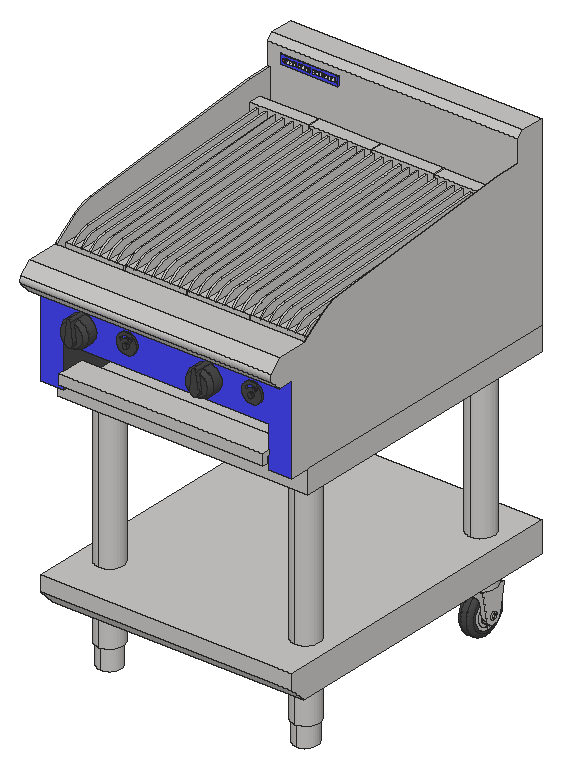
Revit family "QF_MOFFAT_BLUESEAL_CE_G594-LS", category Specialty Equipment, Revit 2012 (continued)
Automatic sketch dimensions
  Revolve 53 sketch curve to level = 0 mm
  Revolve 53 sketch curve to plane 11 = 0 mm  (x2)
  Revolve 53 sketch curve to Revolve 53 sketch curve = 27.5 mm
  Revolve 53 sketch curve to Revolve 53 sketch curve = 31.75 mm
  Revolve 53 sketch curve to Revolve 53 sketch curve = 55 mm
  level to Revolve 53 sketch curve = 50 mm
  Revolve 53 sketch curve to Revolve 53 sketch curve = 0 mm
  Revolve 53 sketch curve to Revolve 53 sketch curve = 100 mm
  plane 4 "RIGHT" to Revolve 54 sketch curve = 99.882 mm
  Revolve 54 sketch curve to Revolve 54 sketch curve = 1.27 mm  (x4)
  Revolve 54 sketch curve to Revolve 54 sketch curve = 1.524 mm  (x2)
  Revolve 54 sketch curve to Revolve 54 sketch curve = 12.146 mm  (x2)
  Revolve 54 sketch curve to Revolve 54 sketch curve = 2.762 mm
  Revolve 54 sketch curve to Revolve 54 sketch curve = 0.794 mm  (x2)
  Revolve 54 sketch curve to Revolve 54 sketch curve = 3.57 mm
  Revolve 54 sketch curve to Revolve 54 sketch curve = 2.143 mm
  Revolve 54 sketch curve to Revolve 54 sketch curve = 9.525 mm
  Revolve 54 sketch curve to Revolve 54 sketch curve = 24.572 mm
  Revolve 54 sketch curve to Revolve 54 sketch curve = 12.7 mm
  Revolve 54 sketch curve to Revolve 54 sketch curve = 8.176 mm
  Revolve 54 sketch curve to Revolve 54 sketch curve = 1.349 mm  (x2)
  Revolve 54 sketch curve to Revolve 54 sketch curve = 3.556 mm
  Revolve 54 sketch curve to plane 4 "RIGHT" = 2.18 mm
  level to Revolve 54 sketch curve = 49.952 mm
  Revolve 54 sketch curve to Revolve 54 sketch curve = 0 mm
  Revolve 54 sketch curve to Revolve 54 sketch curve = 3.505 mm  (x2)
  Revolve 54 sketch curve to Revolve 54 sketch curve = 3.447 mm  (x2)
  Revolve 54 sketch curve to Revolve 54 sketch curve = 9.964 mm
  Revolve 54 sketch curve to Revolve 54 sketch curve = 10.045 mm
  Revolve 54 sketch curve to Revolve 54 sketch curve = 2.053 mm
  Revolve 54 sketch curve to Revolve 54 sketch curve = 2.061 mm
  Revolve 54 sketch curve to Revolve 54 sketch curve = 8.247 mm
  Revolve 54 sketch curve to Revolve 54 sketch curve = 8.336 mm
  Revolve 54 sketch curve to Revolve 54 sketch curve = 6.35 mm  (x2)
  Extrusion 55 sketch curve to plane 11 = 0 mm
  plane 11 to Extrusion 55 sketch curve = 19.393 mm
  plane 11 to Extrusion 55 sketch curve = 31.75 mm
  Extrusion 55 sketch curve to plane 11 = 19.393 mm
  Extrusion 55 sketch curve to plane 11 = 31.75 mm
  level to Extrusion 55 sketch curve = 45.111 mm
  Extrusion 55 sketch curve to Extrusion 55 sketch curve = 4.889 mm
  Extrusion 55 sketch curve to Extrusion 55 sketch curve = 64.889 mm
  Revolve 56 sketch curve to plane 11 = 0 mm  (x2)
  Revolve 56 sketch curve to Revolve 56 sketch curve = 35.75 mm
  Revolve 56 sketch curve to level = 55 mm
  level to Revolve 56 sketch curve = 50 mm
  Revolve 56 sketch curve to Revolve 56 sketch curve = 60 mm
  Revolve 56 sketch curve to Revolve 56 sketch curve = 40 mm
  curve 26 to plane 3 "LEFT" = 0 mm
  curve 27 to plane 4 "RIGHT" = 0 mm
  plane 1 "BACK" to curve 25 = 0 mm
  plane 3 "LEFT" to curve 3 = 27.656 mm
  plane 3 "LEFT" to curve 23 = 35.34 mm
  curve 23 to curve 23 = 4.041 mm
  curve 24 to curve 24 = 8.66 mm
  curve 24 to curve 22 = 4.041 mm
  curve 2 to curve 4 = 27.496 mm
  curve 21 to curve 2 = 30.414 mm
  curve 18 to plane 7 "Center Y" = 28.041 mm
  curve 18 to curve 20 = 4.041 mm  (x2)
  curve 18 to curve 18 = 8.66 mm
  plane 7 "Center Y" to curve 11 = 35.34 mm
  curve 11 to curve 11 = 4.041 mm
  curve 10 to curve 10 = 8.66 mm
  curve 12 to curve 13 = 8.66 mm
  plane 11 to curve 6 = 34.723 mm
  plane 4 "RIGHT" to curve 6 = 102.344 mm
  curve 6 to curve 8 = 27.496 mm
  plane 4 "RIGHT" to curve 5 = 51.544 mm
  plane 4 "RIGHT" to curve 16 = 28.041 mm
  curve 16 to curve 14 = 4.041 mm
  curve 16 to curve 16 = 8.66 mm
  curve 15 to curve 15 = 4.041 mm
  plane 11 to curve 2 = 34.723 mm
  curve 4 to curve 2 = 15.875 mm
  curve 8 to curve 6 = 15.875 mm
  curve 26 to plane 5 "FRONT" = 0.001 mm
  curve 5 to curve 14 = 17.425 mm
  curve 1 to curve 22 = 1.55 mm
  curve 13 to curve 12 = 5 mm
  curve 21 to curve 23 = 5 mm
  curve 21 to curve 20 = 10 mm
  curve 13 to curve 14 = 10 mm
  curve 23 to curve 24 = 7 mm
  curve 12 to curve 11 = 7 mm
  curve 22 to curve 24 = 7 mm
  curve 12 to curve 10 = 7 mm
  curve 20 to curve 18 = 7 mm
  curve 14 to curve 16 = 7 mm
  curve 26 to curve 29 = 28.029 mm
  plane 3 "LEFT" to curve 30 = 4.5 mm
  plane 4 "RIGHT" to curve 30 = 3 mm
  curve 31 to plane 11 = 42.5 mm
  curve 32 to curve 31 = 12.5 mm
  plane 11 to curve 34 = 2 mm
  curve 1 to curve 34 = 44.048 mm
  curve 34 to plane 7 "Center Y" = 3 mm
  plane 12 to curve 35 = 59 mm
  plane 11 to curve 36 = 2 mm
  curve 37 to curve 33 = 3 mm
  curve 37 to curve 33 = 0 mm
  curve 42 to plane 7 "Center Y" = 0 mm
  plane 11 to curve 42 = 2 mm
  curve 42 to curve 6 = 50.656 mm
  plane 12 to curve 40 = 59 mm
  curve 40 to curve 44 = 3 mm
  curve 40 to curve 41 = 0 mm
  plane 11 to curve 43 = 2 mm
  curve 30 to curve 41 = 21 mm
  curve 2 to curve 49 = 2.723 mm
  curve 49 to curve 50 = 0 mm
  curve 51 to curve 42 = 30 mm
  curve 52 to curve 43 = 30 mm
  curve 38 to curve 53 = 16.5 mm
  curve 2 to curve 54 = 14.344 mm
  curve 54 to curve 55 = 21 mm
  curve 55 to curve 56 = 21 mm
  curve 56 to curve 57 = 21 mm
  curve 58 to curve 49 = 21 mm
  curve 50 to curve 59 = 21 mm
  curve 59 to curve 60 = 21 mm
  curve 60 to curve 61 = 21 mm
  curve 61 to curve 62 = 21 mm
  curve 62 to curve 63 = 21 mm
  curve 63 to curve 64 = 21 mm
  curve 40 to curve 65 = 21 mm
  curve 65 to curve 66 = 21 mm
  curve 66 to curve 67 = 21 mm
  curve 67 to curve 68 = 21 mm
  curve 68 to curve 69 = 21 mm
  curve 69 to curve 70 = 21 mm
  curve 41 to curve 71 = 21 mm
  curve 71 to curve 72 = 21 mm
  curve 6 to curve 73 = 15.344 mm
  curve 73 to curve 74 = 21 mm
  curve 74 to curve 75 = 21 mm
  curve 76 to curve 41 = 21 mm
  radius of Extrusion 37 sketch curve = 13.5 mm
  radius of Extrusion 42 sketch curve = 23.9 mm  (x2)
  radius of Extrusion 43 sketch curve = 5.75 mm  (x2)
Nested families
  nested 1: "WALDORF LOGO_FACE BASE" at (32.004, -70, 1056.885) x (1, 0, 0) z (0, -1, 0), visible <- "Show Logo", type "WALDORF LOGO_FACE BASE", detail levels medium+fine
    with Show Logo yes
Connectors
  piping at (216, -31, 553)
    settings: on Extrusion 37, index 1, connector radius 0.37402", flow factor 0, pipe flow 0 GPM, pressure drop 0.00 psi, fitting loss kfactor 0, connector angle 0.00°, fixture units 0, engagement length 0 mm, flow configuration 1, flow direction 1, fitting loss method 0, system type 7, joint type 0, gender type 0, connector reference index -1, connector utility 0, adjustable connector no, is connector primary yes, fitting loss table "", connector description "GAS CONNECTION"
Definition of nested family "WALDORF LOGO_FACE BASE"
  Parameters (values of type "WALDORF LOGO_FACE BASE")
    Show Logo [instance] = yes
    Default Elevation = 1219.2 mm
  Reference planes
    plane 1 "Center (Front/Back)": y = 0
    plane 2: z = 0
    plane 3 "Center (Left/Right)": x = 0
  Forms (mm)
    Extrusion 1, solid
      sketch origin (0, 0, 0) x (1, 0, 0) y (0, 1, 0)
        loop
          line (-1219.2, 1219.2) -> (-1219.2, -1219.2) -> (1219.2, -1219.2) -> (1219.2, 1219.2) -> (-1219.2, 1219.2)
      from 0 to -304.8
    Extrusion 2, solid, material "QF_Finishes_Blue", visible <- "Show Logo"
      sketch origin (0, -33.217, 0) x (1, 0, 0) y (0, 1, 0)
        loop
          arc (138, 31.942) -> (137.626, 32.844) -> (136.724, 33.217) r 1.276
          line (136.724, 33.217) -> (1.29, 33.217)
          arc (1.29, 33.217) -> (0.378, 32.839) -> (0, 31.927) r 1.29
          line (0, 31.927) -> (0, 11.507)
          arc (0, 11.507) -> (0.378, 10.595) -> (1.29, 10.217) r 1.29
          line (1.29, 10.217) -> (136.71, 10.217)
          arc (136.71, 10.217) -> (137.622, 10.595) -> (138, 11.507) r 1.29
          line (138, 11.507) -> (138, 31.942)
      from 0 to 1.588
    Extrusion 3, solid, material "QF_Finishes_White", visible <- "Show Logo"
      sketch origin (0, -33.217, 1.588) x (1, 0, 0) y (0, 1, 0)
        loop
          arc (108.946, 25.919) -> (107.613, 25.367) -> (107.061, 24.034) r 1.885
          line (107.061, 24.034) -> (107.061, 17.211) -> (112.704, 17.211) -> (112.704, 19.129) -> (115.546, 19.129) -> (115.546, 17.211) -> (121.584, 17.211) -> (121.584, 24.075)
          arc (121.584, 24.075) -> (121.043, 25.379) -> (119.739, 25.919) r 1.845
          line (119.739, 25.919) -> (108.946, 25.919)
        loop
          line (123.478, 25.919) -> (123.478, 17.163) -> (134.904, 17.163) -> (134.904, 19.129) -> (129.246, 19.129) -> (129.246, 25.919) -> (123.478, 25.919)
        loop
          line (112.704, 21.258) -> (115.546, 21.258) -> (115.546, 22.702)
          arc (115.546, 22.702) -> (115.344, 23.188) -> (114.858, 23.389) r 0.687
          line (114.858, 23.389) -> (113.363, 23.389)
          arc (113.363, 23.389) -> (112.897, 23.196) -> (112.704, 22.73) r 0.658
          line (112.704, 22.73) -> (112.704, 21.258)
        loop
          line (105.071, 25.919) -> (93.771, 25.919) -> (93.771, 17.163) -> (105.071, 17.163) -> (105.071, 19.063) -> (99.535, 19.063) -> (99.535, 20.437) -> (105.071, 20.437) -> (105.071, 22.278) -> (99.535, 22.278) -> (99.535, 23.587) -> (105.071, 23.587) -> (105.071, 25.919)
        loop
          line (91.104, 25.919) -> (79.541, 25.919)
          arc (79.541, 25.919) -> (78.558, 25.513) -> (78.152, 24.53) r 1.389
          line (78.152, 24.53) -> (78.152, 22.08)
          arc (78.152, 22.08) -> (78.558, 21.098) -> (79.541, 20.691) r 1.389
          line (79.541, 20.691) -> (86.346, 20.691) -> (86.346, 18.864) -> (83.266, 18.864) -> (83.266, 19.664) -> (78.152, 19.664) -> (78.152, 18.553)
          arc (78.152, 18.553) -> (78.558, 17.57) -> (79.541, 17.163) r 1.389
          line (79.541, 17.163) -> (91.063, 17.163)
          arc (91.063, 17.163) -> (92.045, 17.57) -> (92.452, 18.553) r 1.389
          line (92.452, 18.553) -> (92.452, 20.691)
          arc (92.452, 20.691) -> (92.045, 21.673) -> (91.063, 22.08) r 1.389
          line (91.063, 22.08) -> (83.266, 22.08) -> (83.266, 23.984) -> (86.346, 23.984) -> (86.346, 22.743) -> (92.452, 22.743) -> (92.452, 24.571)
          arc (92.452, 24.571) -> (92.057, 25.524) -> (91.104, 25.919) r 1.348
        loop
          line (70.705, 25.919) -> (59.405, 25.919) -> (59.405, 17.163) -> (70.705, 17.163) -> (70.705, 19.063) -> (65.169, 19.063) -> (65.169, 20.437) -> (70.705, 20.437) -> (70.705, 22.278) -> (65.169, 22.278) -> (65.169, 23.587) -> (70.705, 23.587) -> (70.705, 25.919)
        loop
          line (57.598, 25.919) -> (51.7, 25.919) -> (51.7, 20.18)
          arc (51.7, 20.18) -> (50.63, 19.11) -> (49.56, 20.18) r 1.07
          line (49.56, 20.18) -> (49.56, 25.919) -> (43.663, 25.919) -> (43.663, 19.049)
          arc (43.663, 19.049) -> (44.215, 17.716) -> (45.548, 17.163) r 1.885
          line (45.548, 17.163) -> (55.71, 17.163)
          arc (55.71, 17.163) -> (57.045, 17.716) -> (57.598, 19.051) r 1.887
          line (57.598, 19.051) -> (57.598, 25.919)
        loop
          line (31.62, 25.919) -> (31.62, 17.163) -> (43.046, 17.163) -> (43.046, 19.129) -> (37.388, 19.129) -> (37.388, 25.919) -> (31.62, 25.919)
        loop
          line (15.969, 25.919) -> (15.969, 17.163) -> (28.693, 17.163)
          arc (28.693, 17.163) -> (29.812, 17.627) -> (30.276, 18.746) r 1.582
          line (30.276, 18.746) -> (30.276, 20.447) -> (29.48, 21.243) -> (30.276, 22.039) -> (30.276, 24.332)
          arc (30.276, 24.332) -> (29.811, 25.454) -> (28.688, 25.919) r 1.587
          line (28.688, 25.919) -> (15.969, 25.919)
        loop
          line (21.449, 24.159) -> (21.449, 22.436) -> (23.862, 22.436)
          arc (23.862, 22.436) -> (24.723, 23.298) -> (23.862, 24.159) r 0.861
          line (23.862, 24.159) -> (21.449, 24.159)
        loop
          line (21.449, 20.244) -> (21.449, 18.522) -> (23.862, 18.522)
          arc (23.862, 18.522) -> (24.723, 19.383) -> (23.862, 20.244) r 0.861
          line (23.862, 20.244) -> (21.449, 20.244)
      from 0 to 0.2
    Extrusion 4, solid, material "QF_Finishes_Blue", visible <- "Show Logo"
      sketch origin (-126.498, -31.09, 1.588) x (1, 0, 0) y (0, 1, 0)
        loop
          line (136.738, 23.522) -> (136.738, 15.1)
          arc (136.738, 15.1) -> (140.756, 19.311) -> (136.738, 23.522) r 4.216
      from 0 to 0.2
    Extrusion 5, solid, material "QF_Finishes_Red", visible <- "Show Logo"
      sketch origin (146.849, -31.09, 1.588) x (-1, 0, 0) y (0, -1, 0)
        loop
          arc (136.738, -23.522) -> (140.756, -19.311) -> (136.738, -15.1) r 4.216
          line (136.738, -15.1) -> (136.738, -23.522)
      from 0 to 0.2
  Lines and regions (mm)
    Split face 1
      outline origin (-90.35, -30.793, 1.588) x (1, 0, 0) y (0, 1, 0)
        loop
          circle (100.54, 19.013) r 4.536
  Dimensions and locks
    aligned and locked: plane 2 to Extrusion 1
    aligned and locked: level to Extrusion 1
